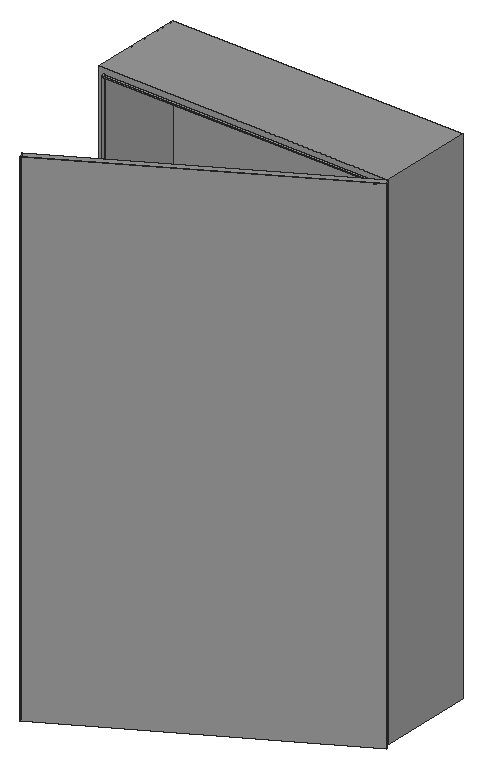
Revit family "Hager-Univers-IP55-D275-H1400-Cl.II-Steel_encl-NoHosted-BE-fr", category Electrical Equipment, Revit 2020
Family settings
  Panel Configuration = Two Columns, Circuits Across
  Round Connector Dimension = Use Diameter
  Part Type = Panelboard
  Work Plane-Based = Yes
  Always vertical = Yes
  Cut with Voids When Loaded = No
  Shared = No
  Room Calculation Point = No
Parameters (values of type "saillie IP55 L800 H1400 P275  - FR93S")
  Width Control [instance] = if([EF000008 - largeur] > Min Width, [EF000008 - largeur], Min Width)  # 800 mm
  Type Comments = [HG000003 - Gamme]  # "Univers"
  Thickness Door [instance] = if([EF009171 - épaisseur de matériau de la porte/du couvercle] > 3 mm, 3 mm, [EF009171 - épaisseur de matériau de la porte/du couvercle])  # 1.5 mm
  Seal Frame Offset [instance] = 17 mm  # constant formula
  Plinth Visibility [instance] = [HG000027 - Hauteur du socle] > 0 mm  # no
  Min Width [instance] = 100 mm  # constant formula
  Min Depth [instance] = (2 * [EF009170 - épaisseur de matériau du boîtier]) + 1 mm  # 4 mm
  Min Height [instance] = 100 mm  # constant formula
  Internal Frame Depth [instance] = (Door System Depth * 0.5)  # 9 mm
  Panel Name [instance] = ""  # (empty or 0)
  Model = ""
  HG000027 - Hauteur du socle = 0 mm
  HG000026 - Installation au sol = no
  HG000024 - Hauteur de la section basse = 600 mm
  HG000023 - Armoire double section = no
  HG000016 - Visibilité de la porte 3D [instance] = yes
  HG000015 - Visibilité de l'emprise de la porte [instance] = no
  HG000014 - Porte à droite [instance] = yes
  HG000013 - Porte à gauche [instance] = not([HG000014 - Porte à droite])  # no
  HG000012 - Angle de pivotement de la porte [instance] = 30.00°
  HG000010 - Portes asymétriques = no
  HG000009 - Porte à double battant = no
  HG000006 - Encastré = no
  HG000004 - Référence fabricant = "FR93S"
  HG000003 - Gamme = "Univers"
  HG000002 - avec porte = yes
  Frame Offset Bottom [instance] = 10 mm  # constant formula
  Frame Offset [instance] = 15 mm  # constant formula
  EF015940 - couvercle avec décharge de pression = no
  EF011959 - degré de protection (NEMA) = ""
  EF009554 - nombre d'ouvertures pour plaques à bride = 6
  EF009212 - finition du couvercle = "EV000116 - fermé"
  EF009171 - épaisseur de matériau de la porte/du couvercle = 1.5 mm
  EF009170 - épaisseur de matériau du boîtier = 1.5 mm
  EF008873 - courant nominal (In) = 800 A
  EF007800 - adapté à un parafoudre = no
  EF006306 - avec serrure = no
  EF006244 - couvercle/porte transparent(e) = no
  EF005474 - indice de protection (IP) = "EV006420 - IP55"
  EF004464 - type de porte = "EV002646 - unique"
  EF004427 - nombre de modules = 324
  EF004293 - indice de protection contre les chocs (IK) = "EV008784 - IK10"
  EF003532 - convient pour utilisation à l’extérieur = no
  EF002950 - largeur en nombre de modules = 24
  EF001613 - maintien de fonction = "EV000494 - sans"
  EF001596 - matériau du boîtier/corps = "EV000179 - acier"
  EF001131 - profondeur intérieure = 275 mm
  EF001088 - possibilité de montage en saillie = yes
  EF000437 - nombre d'entrées de conduit = 6
  EF000339 - type de capot = "EV004216 - porte"
  EF000266 - nombre de rangées = 9
  EF000218 - profondeur d'encastrement = 0 mm
  EF000118 - avec cadre/support de montage = no
  EF000116 - numéro RAL = "7035"
  EF000049 - profondeur = 275 mm
  EF000040 - hauteur = 1400 mm
  EF000008 - largeur = 800 mm
  EF000007 - couleur = "EV000270 - gris"
  EF000003 - mode de pose = "EV000384 - saillie"
  Door System Leaf Tolerance [instance] = 1.5 mm  # constant formula
  Door System Depth [instance] = 18 mm  # constant formula
  Door Height [instance] = Height Control - [HG000027 - Hauteur du socle]  # 1400 mm
  Description = ""
  Default Elevation = 1219.2 mm
  Connector Offset [instance] = Height Control / 2  # 700 mm
  Manufacturer = "Hager"  # constant formula
  Height Control [instance] = if([EF000040 - hauteur] > Min Height, [EF000040 - hauteur], Min Height)  # 1400 mm
  Depth Control [instance] = if([EF000049 - profondeur] > Min Depth, [EF000049 - profondeur], Min Depth)  # 275 mm
  Bottom Top Plate Trim [instance] = 1.5 mm  # constant formula
  Plinth height Ctrl [instance] = if([HG000027 - Hauteur du socle] > 0 mm, [HG000027 - Hauteur du socle], 12 mm)  # 12 mm
Types (5, lengths in mm): name | Width Control | HG000010 - Portes asymétriques | HG000009 - Porte à double battant | HG000004 - Référence fabricant | EF009554 - nombre d'ouvertures pour plaques à bride | EF004464 - type de porte | EF004427 - nombre de modules | EF000437 - nombre d'entrées de conduit | EF000008 - largeur
  saillie IP55 L1050 H1400 P275  - FR94S | 1050 | no | yes | "FR94S" | 8 | "EV003602 - double" | 432 | 8 | 1050
  saillie IP55 L1300 H1400 P275  - FR95S | 1300 | yes | yes | "FR95S" | 10 | "EV003602 - double" | 540 | 10 | 1300
  saillie IP55 L300 H1400 P275  - FR91S | 300 | no | no | "FR91S" | 2 | "EV002646 - unique" | 108 | 2 | 300
  saillie IP55 L550 H1400 P275  - FR92S | 550 | no | no | "FR92S" | 4 | "EV002646 - unique" | 216 | 4 | 550
  saillie IP55 L800 H1400 P275  - FR93S | 800 | no | no | "FR93S" | 6 | "EV002646 - unique" | 324 | 6 | 800
Reference planes
  plane 1 "Center (Front/Back)": y = 0
  plane 2: z = 0
  plane 3 "Center (Left/Right)": x = 0
  plane 4: y = 0
  plane 5: y = 0
  plane 6: z = 0
  plane 7: x = -400
  plane 8: x = 400
  plane 9: x = 398.5
  plane 10: x = -398.5
  plane 11: z = 0
  plane 12: z = 1.5
  plane 13: y = -275
  plane 14: y = -1.5
  plane 15: x = 0
  plane 16: y = -257
  plane 17: y = -273.5
  plane 18: y = -255.5
  plane 19: x = -383.5
  plane 20: x = 383.5
  plane 21: z = 11.5
  plane 22: x = -383
  plane 23: x = 383
  plane 24: z = 0
  plane 25: z = 1400
  plane 26: z = 1400
  plane 27: z = 1383.5
  plane 28: z = 1398.5
Forms (mm)
  Extrusion 1, solid, material "Hager_Steel_RAL7035_Light_Grey", detail levels medium+fine
    sketch origin (-208.679, -4572, 0) x (-1, 0, 0) y (0, -1, 0)
      loop
        line (191.321, -4315) -> (-608.679, -4315) -> (-608.679, -4572) -> (191.321, -4572) -> (191.321, -4315)
    from 0 to 1400
  Extrusion 2, void
    sketch origin (-350.771, -275, 1219.2) x (1, 0, 0) y (0, 0, 1)
      loop
        line (-47.729, 179.3) -> (-47.729, -1217.7) -> (749.271, -1217.7) -> (749.271, 179.3) -> (-47.729, 179.3)
    from -19.5 to -273.5
  Extrusion 3, void
    sketch origin (-290.084, -257, 1219.2) x (1, 0, 0) y (0, 0, 1)
      loop
        line (-93.416, -1207.7) -> (673.584, -1207.7) -> (673.584, 164.3) -> (-93.416, 164.3) -> (-93.416, -1207.7)
    from 0 to -1.5
  Extrusion 4, solid, material "Hager_Steel_RAL7035_Light_Grey", visible <- "Plinth Visibility", detail levels medium+fine
    sketch origin (0, 0, 0) x (1, 0, 0) y (0, 1, 0)
      loop
        line (-400, 0) -> (-400, -257) -> (400, -257) -> (400, 0) -> (-400, 0)
    from 0 to 12 <- "Plinth height Ctrl"
  Extrusion 5, solid, material "Hager_Steel_RAL7035_Light_Grey", detail levels coarse
    sketch origin (0, 0, 0) x (1, 0, 0) y (0, 1, 0)
      loop
        line (-400, 0) -> (-400, -275) -> (400, -275) -> (400, 0) -> (-400, 0)
    from 0 to 1400 <- "Height Control"
  Sweep 6, void
    path in 3D
      loop
        line (-400, -257, 12) -> (400, -257, 12) -> (400, 0, 12) -> (-400, 0, 12) -> (-400, -257, 12)
    profile origin (-400, -128.5, 12) x (1, 0, 0) y (0, 0, 1)
      loop
        line (0, 0) -> (0, -1.5) -> (1.5, -1.5)
        arc (1.5, -1.5) -> (1.061, -0.439) -> (0, 0) r 1.5
  Extrusion 7, solid, material "Hager_Steel_RAL7035_Light_Grey", detail levels fine
    sketch origin (-400, -257, 0) x (1, 0, 0) y (0, 0, 1)
      loop
        line (16.5, 11.5) -> (783.5, 11.5) -> (783.5, 1383.5) -> (16.5, 1383.5) -> (16.5, 11.5)
      loop
        line (15, 10) -> (785, 10) -> (785, 1385) -> (15, 1385) -> (15, 10)
    from 0 to 9 <- "Internal Frame Depth"
Cuts and joins
  Extrusion 2, Extrusion 3 cuts Extrusion 1
  Sweep 6 cuts Extrusion 4
Lines and regions (mm)
  Masking region 1
    outline origin (0, 0, 0) x (1, 0, 0) y (0, 1, 0)
      loop
        line (-400, 0) -> (-400, -275) -> (400, -275) -> (400, 0) -> (-400, 0)
  Masking region 2, detail levels coarse
    outline origin (-290.084, -257, 1219.2) x (-1, 0, 0) y (0, 0, 1)
      loop
        line (-690.084, -1219.2) -> (109.916, -1219.2) -> (109.916, 180.8) -> (-690.084, 180.8) -> (-690.084, -1219.2)
  Masking region 3, detail levels coarse
    outline origin (0, 0, 0) x (0, 1, 0) y (0, 0, 1)
      loop
        line (0, 0) -> (0, 1400) -> (-275, 1400) -> (-275, 0) -> (0, 0)
  Masking region 4, visible <- "Plinth Visibility", detail levels medium+fine
    outline origin (0, 0, 0) x (0, 1, 0) y (0, 0, 1)
      loop
        line (-1.5, 12) -> (-255.5, 12)
        arc (-255.5, 12) -> (-255.939, 10.939) -> (-257, 10.5) r 1.5
        line (-257, 10.5) -> (-257, 0) -> (0, 0) -> (0, 10.5)
        arc (0, 10.5) -> (-1.061, 10.939) -> (-1.5, 12) r 1.5
  Masking region 5, detail levels medium+fine
    outline origin (0, 0, 594.038) x (0, 1, 0) y (0, 0, 1)
      loop
        line (0, -594.038) -> (0, 805.962) -> (-257, 805.962) -> (-257, -594.038) -> (0, -594.038)
  Masking region 6, detail levels medium+fine
    outline origin (-359.7, -257, 1211.883) x (-1, 0, 0) y (0, 0, 1)
      loop
        line (-759.7, -1211.883) -> (40.3, -1211.883) -> (40.3, 188.117) -> (-759.7, 188.117) -> (-759.7, -1211.883)
  Masking region 7, visible <- "Plinth Visibility", detail levels medium+fine
    outline origin (-320.334, -257, 1041.368) x (-1, 0, 0) y (0, 0, 1)
      loop
        line (-720.334, -1041.368) -> (79.666, -1041.368) -> (79.666, -1030.868)
        arc (79.666, -1030.868) -> (78.606, -1030.429) -> (78.166, -1029.368) r 1.5
        line (78.166, -1029.368) -> (-718.834, -1029.368)
        arc (-718.834, -1029.368) -> (-719.273, -1030.429) -> (-720.334, -1030.868) r 1.5
        line (-720.334, -1030.868) -> (-720.334, -1041.368)
  sketch lines
    curve 1: line (-400, 0, 12) -> (-400, -257, 12)
    curve 2: line (-400, -257, 12) -> (400, -257, 12)
    curve 3: line (400, 0, 12) -> (-400, 0, 12)
    curve 4: line (400, -257, 12) -> (400, 0, 12)
Dimensions and locks
  locked: plane 1 "Center (Front/Back)" to plane 5
  "EF009170 - épaisseur de matériau du boîtier": plane 7 to plane 10
  "EF009170 - épaisseur de matériau du boîtier": plane 8 to plane 9
  equal spacing: plane 7, plane 3 "Center (Left/Right)", plane 8
  "Width Control": plane 7 to plane 8
  "Depth Control": plane 4 to plane 13
  "EF009170 - épaisseur de matériau du boîtier": plane 4 to plane 14
  "Height Control": plane 25 to level
  "HG000027 - Hauteur du socle": plane 11 to level
  "EF009170 - épaisseur de matériau du boîtier": plane 12 to plane 11
  "EF009170 - épaisseur de matériau du boîtier": plane 17 to plane 13
  "EF009170 - épaisseur de matériau du boîtier": plane 18 to plane 16
  "Frame Offset Bottom": plane 21 to plane 12
  "Frame Offset": plane 10 to plane 19
  "Frame Offset": plane 9 to plane 20
  "Door System Depth": plane 16 to plane 13
  "Seal Frame Offset": plane 7 to plane 22
  "Seal Frame Offset": plane 8 to plane 23
  "EF009170 - épaisseur de matériau du boîtier": plane 26 to plane 28
  "Frame Offset": plane 28 to plane 27
  "Connector Offset": plane 2 to connector elem
  "Bottom Top Plate Trim": profile plane to Sweep 6 sketch curve
  "Bottom Top Plate Trim": Sweep 6 sketch curve to Sweep 6 sketch curve
  "Plinth height Ctrl": Masking region 4 sketch curve to level
  "Plinth height Ctrl": Masking region 7 sketch curve to level
  "Thickness Door": Extrusion 7 sketch curve to Extrusion 7 sketch curve  (x4)
  "Bottom Top Plate Trim": radius of Sweep 6 sketch curve
  "Bottom Top Plate Trim": radius of Masking region 4 sketch curve  (x2)
  "Bottom Top Plate Trim": radius of Masking region 7 sketch curve  (x2)
  aligned and locked: Extrusion 2 sketch curve to plane 12
  aligned and locked: Extrusion 2 sketch curve to plane 9
  aligned and locked: Extrusion 2 sketch curve to plane 10
  aligned and locked: Extrusion 2 to plane 14
  aligned and locked: Extrusion 1 sketch curve to plane 4
  aligned and locked: plane 8 to Extrusion 1 sketch curve
  aligned and locked: plane 7 to Extrusion 1 sketch curve
  aligned and locked: Extrusion 2 to plane 18
  aligned and locked: Extrusion 3 sketch curve to plane 19
  aligned and locked: plane 20 to Extrusion 3 sketch curve
  aligned and locked: Extrusion 3 to Extrusion 2
  aligned and locked: Extrusion 3 sketch curve to plane 21
  aligned and locked: plane 3 "Center (Left/Right)" to nested 1
  aligned and locked: Extrusion 1 sketch curve to plane 16
  aligned and locked: Extrusion 4 sketch curve to cut or joined group of Extrusion 1, Extrusion 2, Extrusion 3
  aligned and locked: Masking region 1 sketch curve to plane 7
  aligned and locked: Masking region 1 sketch curve to plane 5
  aligned and locked: Masking region 1 sketch curve to plane 8
  aligned and locked: Masking region 2 sketch curve to level
  aligned and locked: level to Masking region 3 sketch curve
  aligned and locked: plane 1 "Center (Front/Back)" to Masking region 3 sketch curve
  aligned and locked: plane 13 to Masking region 3 sketch curve
  aligned and locked: plane 5 to Masking region 4 sketch curve
  aligned and locked: Masking region 2 sketch curve to plane 8
  aligned and locked: Masking region 2 sketch curve to plane 7
  aligned and locked: plane 7 to nested 2
  aligned and locked: nested 2 to plane 5
  aligned and locked: plane 5 to Masking region 5 sketch curve
  aligned and locked: plane 26 to Masking region 5 sketch curve
  aligned and locked: Extrusion 5 sketch curve to plane 8
  aligned and locked: Extrusion 5 sketch curve to plane 7
  aligned and locked: Extrusion 5 sketch curve to plane 5
  aligned and locked: Extrusion 3 sketch curve to plane 27
  aligned and locked: Extrusion 2 sketch curve to plane 28
  aligned and locked: Masking region 2 to plane 25
  aligned and locked: Extrusion 4 to plane 16
  aligned and locked: profile plane to Sweep 6 sketch curve
  aligned and locked: Masking region 5 sketch curve to plane 24
  aligned and locked: level to Masking region 4 sketch curve
  aligned and locked: Masking region 1 to plane 13
  aligned and locked: nested 1 to plane 16
  aligned and locked: Masking region 3 to plane 25
  aligned and locked: plane 16 to Masking region 4 sketch curve
  aligned and locked: Masking region 5 sketch curve to plane 16
  aligned and locked: plane 24 to plane 11
  aligned and locked: plane 26 to plane 25
  aligned and locked: plane 26 to cut or joined group of Extrusion 1, Extrusion 2, Extrusion 3
  aligned and locked: nested 1 to plane 24
  aligned and locked: Extrusion 1 to Extrusion 3
  aligned and locked: Masking region 6 sketch curve to plane 8
  aligned and locked: Masking region 6 sketch curve to plane 24
  aligned and locked: Masking region 6 sketch curve to plane 7
  aligned and locked: Masking region 6 sketch curve to plane 26
  aligned and locked: Masking region 7 sketch curve to plane 7
  aligned and locked: level to Masking region 7 sketch curve
  aligned and locked: Masking region 7 sketch curve to plane 8
  aligned and locked: Extrusion 7 sketch curve to cut or joined group of Extrusion 1, Extrusion 2, Extrusion 3  (x4)
Automatic sketch dimensions
  plane 19 to Extrusion 3 sketch curve = 0 mm
  Extrusion 3 sketch curve to plane 20 = 0 mm
  Extrusion 3 sketch curve to plane 21 = 0 mm
  Extrusion 4 sketch curve to plane 7 = 0 mm
  Extrusion 4 sketch curve to plane 8 = 0 mm
  Extrusion 4 sketch curve to plane 16 = 0 mm
  Masking region 1 sketch curve to plane 13 = 0 mm
  Masking region 2 sketch curve to plane 25 = 0 mm
  Masking region 3 sketch curve to plane 25 = 0 mm
  Extrusion 5 sketch curve to plane 13 = 0 mm
  profile plane to Sweep 6 sketch curve = 0 mm
Nested families
  nested 1: "EC000058_Univers_Door" at (0, -257, 0), Double <- "HG000009 - Porte à double battant", Transparent <- "EF006244 - couvercle/porte transparent(e)", Angle <- "HG000012 - Angle de pivotement de la porte", Door_Right <- "HG000014 - Porte à droite", Assymetrical <- "HG000010 - Portes asymétriques", Door <- "HG000002 - avec porte", Width_Ctrl <- "Width Control", 3d_Door <- "HG000016 - Visibilité de la porte 3D", Clearance <- "HG000015 - Visibilité de l'emprise de la porte", Door_Left <- "HG000013 - Porte à gauche", Width <- "Width Control", Door_Depth <- "Door System Depth", Leaf_Tolerance <- "Door System Leaf Tolerance", Height <- "Door Height", Lock_Visibility <- "EF006306 - avec serrure", Thickness <- "Thickness Door", type "EC000058_Univers_Door", detail levels medium+fine
    with min_wh 4 mm, Width_Ctrl 800 mm, Width 800 mm, Transparent no, Thickness 1.5 mm, Seal_Material Hager_Rubber, Lock_Visibility no, Lock_Material Hager_Plastic_RAL9005_Jet_Black, Leaf_Width 800 mm, Leaf_Tolerance_External_Sides 0 mm, Leaf_Tolerance 1.5 mm, Leaf_Offset 0 mm, Leaf_Height 1397 mm, Leaf_2_Width 800 mm, Leaf_2_Offset 400 mm, Leaf_1_Width 800 mm, Leaf_1_Offset 400 mm, Height_Ctrl 1400 mm, Height 1400 mm, Glass_Material Hager_Glass, Double_Clearance_Ctrl no, Double no, Door_Right_Ctrl yes, Door_Right yes, Door_Material Hager_Steel_RAL7035_Light_Grey, Door_Left_Ctrl no, Door_Left no, Door_Depth 18 mm, Door yes, Clearance_Material Hager_Clearance, Clearance_Depth 800 mm, Clearance_Ctrl no, Clearance no, Assymetrical no, Angle 30.00°, 3d_Door yes
  nested 2: "Hager_Enclosure_Symbol" at (-400, 0, 0), Height <- "Depth Control", Width <- "Width Control", type "Hager_Enclosure_Symbol"
    with Width_Ctrl 800 mm, Width 800 mm, Height_Ctrl 275 mm, Height 275 mm, A_Width_Int 18.047 mm, A_Width 216.562 mm, A_Height_Ctrl 240.625 mm, A_Height 240.625 mm
Connectors
  electrical at (0, 0, 700)
    settings: on plane 1 "Center (Front/Back)", index 1, voltage 0 V, apparent load 0 VA, apparent load phase1 0 VA, apparent load phase2 0 VA, apparent load phase3 0 VA, power factor 1, load classification "Other", number of poles 1, system type 30, power factor state 1, is connector primary yes, connector utility no, sub classification motor no, connector description ""
Definition of nested family "EC000058_Univers_Door"
  Parameters (values of type "EC000058_Univers_Door")
    min_wh [instance] = (2 * Thickness) + 1 mm  # 11 mm
    Width_Ctrl [instance] = 400 mm
    Width [instance] = 500 mm
    Transparent [instance] = yes
    Thickness [instance] = 5 mm
    Seal_Material [instance] = none
    Lock_Visibility [instance] = yes
    Lock_Material [instance] = none
    Leaf_Width [instance] = if((Width_Ctrl - 2 * Leaf_Tolerance_External_Sides) > 0 mm, (Width_Ctrl - 2 * Leaf_Tolerance_External_Sides), min_wh)  # 400 mm
    Leaf_Tolerance_External_Sides [instance] = 0 mm  # constant formula
    Leaf_Tolerance [instance] = 1.5 mm
    Leaf_Offset [instance] = 0 mm  # constant formula
    Leaf_Height [instance] = if((Height_Ctrl - 2 * Leaf_Tolerance) > 0 mm, (Height_Ctrl - 2 * Leaf_Tolerance), min_wh)  # 497 mm
    Leaf_2_Width [instance] = if(and(and(Double, Assymetrical), Door_Left), (Leaf_Width / 3) - (Leaf_Tolerance / 2), if(and(and(Double, Assymetrical), Door_Right), (Leaf_Width / 3) * 2 - (Leaf_Tolerance / 2), if(and(Double, not(Assymetrical)), (Leaf_Width / 2) - Leaf_Tolerance, Leaf_Width)))  # 400 mm
    Leaf_2_Offset [instance] = if(and(Double, Assymetrical), Leaf_2_Width / 2, if(and(Double, not(Assymetrical)), Leaf_Width / 4, Leaf_Width / 2))  # 200 mm
    Leaf_1_Width [instance] = if(and(and(Double, Assymetrical), Door_Right), (Leaf_Width / 3) - (Leaf_Tolerance / 2), if(and(and(Double, Assymetrical), Door_Left), (Width / 3) * 2 - (Leaf_Tolerance / 2), if(and(Double, not(Assymetrical)), (Leaf_Width / 2) - Leaf_Tolerance, Leaf_Width)))  # 400 mm
    Leaf_1_Offset [instance] = if(and(Double, Assymetrical), Leaf_1_Width / 2, if(and(Double, not(Assymetrical)), Leaf_Width / 4, Leaf_Width / 2))  # 200 mm
    Height_Ctrl [instance] = if(Height > min_wh, Height, min_wh)  # 500 mm
    Height [instance] = 500 mm
    Glass_Material [instance] = none
    Double_Clearance_Ctrl [instance] = and(Double, Clearance)  # no
    Double [instance] = no
    Door_Right_Ctrl [instance] = and(or(Door_Right, Double), Door)  # yes
    Door_Right [instance] = yes
    Door_Material [instance] = none
    Door_Left_Ctrl [instance] = and(or(Door_Left, Double), Door)  # no
    Door_Left [instance] = no
    Door_Depth [instance] = 30 mm
    Door [instance] = yes
    Default Elevation = 1219.2 mm
    Clearance_Material [instance] = none
    Clearance_Depth [instance] = if(Leaf_1_Width > Leaf_2_Width, Leaf_1_Width, Leaf_2_Width)  # 400 mm
    Clearance_Ctrl [instance] = and(not(Double), Clearance)  # yes
    Clearance [instance] = yes
    Assymetrical [instance] = yes
    Angle [instance] = 30.00°
    3d_Door [instance] = yes
  Reference planes
    plane 1 "Center (Front/Back)": y = 0
    plane 2 "Bottom": z = 0
    plane 3 "Center (Left/Right)": x = 0
    plane 4: z = 500
    plane 5: x = -200
    plane 6: x = 200
    plane 7: z = 500
    plane 8: x = -200
    plane 9: z = 0
    plane 10: x = 200
    plane 11: y = 0
    plane 12: z = 1.5
    plane 13: x = -600
    plane 14: y = -400
    plane 15: x = 600
    plane 16: x = 0
    plane 17: x = 0
    plane 18: x = -200
    plane 19: x = 200
    plane 20: z = 498.5
  Forms (mm)
    Extrusion 1, solid, material <- "Clearance_Material", visible <- "Double_Clearance_Ctrl"
      sketch origin (1200, 0, 0) x (1, 0, 0) y (0, 0, -1)
        loop
          line (-1800, -498.5) -> (-600, -498.5) -> (-600, 0) -> (-1800, 0) -> (-1800, -498.5)
      from 0 to -400
  Dimensions and locks
    equal spacing: plane 5, plane 3 "Center (Left/Right)", plane 6
    "Width_Ctrl": plane 5 to plane 6
    "Leaf_Offset": plane 5 to plane 8
    "Leaf_Offset": plane 6 to plane 10
    "Leaf_Offset": plane 9 to level
    "Leaf_Offset": plane 4 to plane 7
    "Height_Ctrl": plane 4 to level
    "Leaf_Tolerance": plane 12 to plane 9
    locked: plane 11 to plane 1 "Center (Front/Back)"
    "Leaf_1_Offset": plane 18 to plane 16
    "Leaf_2_Offset": plane 17 to plane 19
    "Leaf_1_Width": plane 13 to plane 8
    "Leaf_2_Width": plane 10 to plane 15
    "Clearance_Depth": plane 14 to plane 1 "Center (Front/Back)"
    "Leaf_Tolerance_External_Sides": plane 8 to plane 18
    "Leaf_Tolerance_External_Sides": plane 19 to plane 10
    "Leaf_Tolerance": plane 7 to plane 20
    aligned and locked: level to plane 2 "Bottom"
    aligned and locked: nested 1 to plane 16
    aligned and locked: nested 2 to plane 17
    aligned and locked: Extrusion 1 to plane 13
    aligned and locked: plane 15 to Extrusion 1
    aligned and locked: Extrusion 1 to plane 14
    aligned and locked: plane 12 to nested 1
    aligned and locked: nested 2 to plane 12
    aligned and locked: Extrusion 1 to plane 11
    aligned and locked: plane 20 to Extrusion 1
    aligned and locked: nested 2 to plane 11
    aligned and locked: nested 1 to plane 11
  Automatic sketch dimensions
    Extrusion 1 sketch curve to level = 0 mm
    plane 5 to Extrusion 1 sketch curve = 400 mm
    plane 6 to Extrusion 1 sketch curve = 400 mm
    Extrusion 1 sketch curve to plane 4 = 1.5 mm
  Nested families
    nested 1: "EC000058_Univers_Door_Leaf" at (0, 0, 1.5), Width <- "Leaf_1_Width", visible <- "Door_Left_Ctrl", Leaf_Height <- "Leaf_Height", Angle <- "Angle", 3d_Door <- "3d_Door", Transparent <- "Transparent", Clearance Material <- "Clearance_Material", Clearance <- "Clearance_Ctrl", Door_Material <- "Door_Material", Glass_Material <- "Glass_Material", Door_Depth <- "Door_Depth", Lock_Material <- "Lock_Material", Seal_Material <- "Seal_Material", Lock_Visibility <- "Lock_Visibility", Thickness <- "Thickness", type "EC000058_Univers_Door_Leaf"
      with Width 400 mm, Transparent_Glass_Offset 30 mm, Transparent_Ctrl yes, Transparent yes, Thickness 5 mm, Standard no, Seal_Material none, Seal_D2 8 mm, Seal_D1 1 mm, Offset_Internal_Frame 10 mm, Lock_Width 20 mm, Lock_Visibility_3d yes, Lock_Visibility yes, Lock_Thickness_3 3 mm, Lock_Thickness_2 1 mm, Lock_Thickness_1 3 mm, Lock_Radius_Offset_2 16 mm, Lock_Radius_Offset_1 15 mm, Lock_Radius_2 5 mm, Lock_Radius 6 mm, Lock_Offset 5 mm, Lock_Material none, Lock_Height 80 mm, Lock_Cover_Top_Offset_2d 17 mm, Lock_Cover_Height -65 mm, Leaf_Height 497 mm, Internal_Seal_Thickness 8 mm, Internal_Seal_Depth_2 4.5 mm, Internal_Frame_Depth 25 mm, Glass_Thickness -1 mm, Glass_Offset -2 mm, Glass_Material none, Door_Material none, Door_Depth 30 mm, Clearance Material none, Clearance yes, Angle_Ctrl 30.00°, Angle 30.00°, 3d_Door yes
    nested 2: "EC000058_Univers_Door_Leaf" at (0, 0, 1.5) x (-1, 0, 0) z (0, 0, 1), Width <- "Leaf_2_Width", visible <- "Door_Right_Ctrl", Leaf_Height <- "Leaf_Height", Angle <- "Angle", 3d_Door <- "3d_Door", Transparent <- "Transparent", Clearance Material <- "Clearance_Material", Clearance <- "Clearance_Ctrl", Door_Material <- "Door_Material", Glass_Material <- "Glass_Material", Door_Depth <- "Door_Depth", Lock_Material <- "Lock_Material", Seal_Material <- "Seal_Material", Lock_Visibility <- "Lock_Visibility", Thickness <- "Thickness", type "EC000058_Univers_Door_Leaf"
      with Width 400 mm, Transparent_Glass_Offset 30 mm, Transparent_Ctrl yes, Transparent yes, Thickness 5 mm, Standard no, Seal_Material none, Seal_D2 8 mm, Seal_D1 1 mm, Offset_Internal_Frame 10 mm, Lock_Width 20 mm, Lock_Visibility_3d yes, Lock_Visibility yes, Lock_Thickness_3 3 mm, Lock_Thickness_2 1 mm, Lock_Thickness_1 3 mm, Lock_Radius_Offset_2 16 mm, Lock_Radius_Offset_1 15 mm, Lock_Radius_2 5 mm, Lock_Radius 6 mm, Lock_Offset 5 mm, Lock_Material none, Lock_Height 80 mm, Lock_Cover_Top_Offset_2d 17 mm, Lock_Cover_Height -65 mm, Leaf_Height 497 mm, Internal_Seal_Thickness 8 mm, Internal_Seal_Depth_2 4.5 mm, Internal_Frame_Depth 25 mm, Glass_Thickness -1 mm, Glass_Offset -2 mm, Glass_Material none, Door_Material none, Door_Depth 30 mm, Clearance Material none, Clearance yes, Angle_Ctrl 30.00°, Angle 30.00°, 3d_Door yes
  Definition of nested family "EC000058_Univers_Door_Leaf"
    Parameters (values of type "EC000058_Univers_Door_Leaf")
      Width [instance] = 2000 mm
      Transparent_Glass_Offset [instance] = 30 mm
      Transparent_Ctrl [instance] = and(Transparent, [3d_Door])  # yes
      Transparent [instance] = yes
      Thickness [instance] = 5 mm
      Standard [instance] = and(not(Transparent), [3d_Door])  # no
      Seal_Material [instance] = none
      Seal_D2 [instance] = 8 mm  # constant formula
      Seal_D1 [instance] = 1 mm  # constant formula
      Offset_Internal_Frame [instance] = 10 mm  # constant formula
      Lock_Width [instance] = 20 mm  # constant formula
      Lock_Visibility_3d [instance] = and(Lock_Visibility, [3d_Door])  # yes
      Lock_Visibility [instance] = yes
      Lock_Thickness_3 [instance] = 3 mm  # constant formula
      Lock_Thickness_2 [instance] = 1 mm  # constant formula
      Lock_Thickness_1 [instance] = 3 mm  # constant formula
      Lock_Radius_Offset_2 [instance] = Lock_Radius_Offset_1 + 1 mm  # 16 mm
      Lock_Radius_Offset_1 [instance] = 15 mm  # constant formula
      Lock_Radius_2 [instance] = Lock_Radius - 1 mm  # 5 mm
      Lock_Radius [instance] = 6 mm  # constant formula
      Lock_Offset [instance] = 5 mm  # constant formula
      Lock_Material [instance] = none
      Lock_Height [instance] = 80 mm  # constant formula
      Lock_Cover_Top_Offset_2d [instance] = Lock_Radius_Offset_2 + 1 mm  # 17 mm
      Lock_Cover_Height [instance] = -(Lock_Height - Lock_Radius_Offset_1)  # -65 mm
      Leaf_Height [instance] = 2720.336 mm
      Internal_Seal_Thickness [instance] = 8 mm  # constant formula
      Internal_Seal_Depth_2 [instance] = 4.5 mm  # constant formula
      Internal_Frame_Depth [instance] = if(Door_Depth - Thickness > 5 mm, Door_Depth - Thickness, 5 mm)  # 25 mm
      Glass_Thickness [instance] = if(Thickness > 15 mm, Glass_Offset + 10 mm, -1 mm)  # -1 mm
      Glass_Offset [instance] = if(Thickness > 15 mm, -(Thickness + 10 mm) / 2, -2 mm)  # -2 mm
      Glass_Material [instance] = none
      Door_Material [instance] = none
      Door_Depth [instance] = 30 mm
      Default Elevation = 0 mm
      Clearance Material [instance] = none
      Clearance [instance] = yes
      Angle_Ctrl [instance] = if(Angle > 180.00°, 180.00°, Angle)  # 90.00°
      Angle [instance] = 90.00°
      3d_Door [instance] = yes
    Reference planes
      plane 1 "Center (Front/Back)": y = 0
      plane 2: z = 0
      plane 3 "Center (Left/Right)": x = 0
      plane 4: y = 2000
      plane 5: x = -1000
      plane 6: x = 1000
      plane 7: x = -3000
      plane 8: z = 2720.336
      plane 9: z = 30
      plane 10: z = 2690.336
      plane 11: x = 970
      plane 12: x = -970
      plane 13: y = -3
      plane 14: z = 107.833
      plane 15: y = -5
      plane 16: y = -223.314
      plane 17: x = -1000
      plane 18: z = 1360.168
      plane 19: y = 30
    Forms (mm)
      Extrusion 1, solid, material <- "Clearance Material", visible <- "Clearance"
        sketch origin (0, 0, 0) x (1, 0, 0) y (0, 0, 1)
          loop
            line (-3000, 2720.336) -> (-3000, 0) -> (1000, 0) -> (1000, 2720.336) -> (-3000, 2720.336)
        from 0 to -2000
      Extrusion 2, solid, material <- "Door_Material", visible <- "Standard", detail levels medium+fine
        sketch origin (-1000, 0, 0) x (0, 1, 0) y (-1, 0, 0)
          loop
            line (0, 30) -> (0, 25) -> (2000, 25) -> (2000, 30) -> (0, 30)
        from 0 to 2720.336 <- "Leaf_Height"
      Extrusion 3, solid, material <- "Door_Material", visible <- "Transparent_Ctrl", detail levels medium+fine
        sketch origin (-1000, 0, 0) x (0, 1, 0) y (-1, 0, 0)
          loop
            line (0, 25) -> (2000, 25) -> (2000, 30) -> (0, 30) -> (0, 25)
        from 0 to 2720.336 <- "Leaf_Height"
      Extrusion 4, void
        sketch origin (-1025, 2000, 0) x (0, 1, 0) y (0, 0, -1)
          loop
            line (-30, -2690.336) -> (-30, -30) -> (-1970, -30) -> (-1970, -2690.336) -> (-30, -2690.336)
        from 0 to 5 <- "Thickness"
      Sweep 5, solid, material <- "Seal_Material", visible <- "Transparent_Ctrl", detail levels fine
        path in 3D
          loop
            line (-1025, 30, 30) -> (-1025, 30, 2690.336) -> (-1025, 1970, 2690.336) -> (-1025, 1970, 30) -> (-1025, 30, 30)
        profile origin (-1025, 1000, 30) x (1, 0, 0) y (0, 0, 1)
          loop
            line (0, 0) -> (0, -8) -> (1, -8) -> (1, 0) -> (0, 0)
      Extrusion 6, solid, material <- "Glass_Material", visible <- "Transparent_Ctrl", detail levels medium+fine
        sketch origin (-1030, 0, 0) x (0, 1, 0) y (0, 0, -1)
          loop
            line (1970, -2690.336) -> (1970, -30) -> (30, -30) -> (30, -2690.336) -> (1970, -2690.336)
        from -2 <- "Glass_Offset" to -1 <- "Glass_Thickness"
      Extrusion 7, solid, material <- "Door_Material", visible <- "3d_Door", detail levels medium+fine
        sketch origin (-1025, 2000, 0) x (0, -1, 0) y (0, 0, -1)
          loop
            line (0, -2720.336) -> (2000, -2720.336) -> (2000, 0) -> (0, 0) -> (0, -2720.336)
          loop
            line (1995, -5) -> (5, -5) -> (5, -2715.336) -> (1995, -2715.336) -> (1995, -5)
        from 0 to 25 <- "Internal_Frame_Depth"
      Sweep 8, solid, material <- "Seal_Material", visible <- "Transparent_Ctrl", detail levels fine
        path in 3D
          loop
            line (-1025, 0, 0) -> (-1025, 2000, 0) -> (-1025, 2000, 2720.336) -> (-1025, 0, 2720.336) -> (-1025, 0, 0)
        profile origin (-1025, 0, 1360.168) x (1, 0, 0) y (0, 1, 0)
          loop
            line (0, 10) -> (2.975, 10)
            arc (2.975, 10) -> (4.053, 10.447) -> (4.5, 11.525) r 1.525
            line (4.5, 11.525) -> (4.5, 16.527)
            arc (4.5, 16.527) -> (4.069, 17.569) -> (3.027, 18) r 1.473
            line (3.027, 18) -> (0, 18) -> (0, 10)
      Extrusion 9, solid, material <- "Lock_Material", visible <- "Lock_Visibility_3d", detail levels fine
        sketch origin (-1030, 0, 0) x (0, 1, 0) y (0, 0, -1)
          loop
            arc (1993.5, -1400.168) -> (1994.561, -1399.729) -> (1995, -1398.668) r 1.5
            line (1995, -1398.668) -> (1995, -1320.168) -> (1975, -1320.168) -> (1975, -1398.668)
            arc (1975, -1398.668) -> (1975.439, -1399.729) -> (1976.5, -1400.168) r 1.5
            line (1976.5, -1400.168) -> (1993.5, -1400.168)
        from 3 <- "Lock_Thickness_1" to 0
      Blend 10, solid, material <- "Lock_Material", visible <- "Lock_Visibility_3d", detail levels fine
        base sketch origin (-1033, 0, 0) x (0, 1, 0) y (0, 0, -1)
          loop
            line (1975, -1320.168) -> (1975, -1398.668)
            arc (1975, -1398.668) -> (1975.439, -1399.729) -> (1976.5, -1400.168) r 1.5
            line (1976.5, -1400.168) -> (1993.5, -1400.168)
            arc (1993.5, -1400.168) -> (1994.561, -1399.729) -> (1995, -1398.668) r 1.5
            line (1995, -1398.668) -> (1995, -1320.168) -> (1975, -1320.168)
        top sketch origin (-1033, 0, 0) x (0, 1, 0) y (0, 0, -1)
          loop
            line (1976, -1320.168) -> (1976, -1398.668)
            arc (1976, -1398.668) -> (1976.146, -1399.022) -> (1976.5, -1399.168) r 0.5
            line (1976.5, -1399.168) -> (1993.5, -1399.168)
            arc (1993.5, -1399.168) -> (1993.854, -1399.022) -> (1994, -1398.668) r 0.5
            line (1994, -1398.668) -> (1994, -1320.168) -> (1976, -1320.168)
        from 0 to 1 <- "Lock_Thickness_2"
      Blend 11, solid, material <- "Lock_Material", visible <- "Lock_Visibility_3d", detail levels fine
        base sketch origin (-1034, 0, 0) x (0, 1, 0) y (0, 0, -1)
          loop
            line (1978, -1320.168) -> (1978, -1384.168)
            arc (1978, -1384.168) -> (1985, -1391.168) -> (1992, -1384.168) r 7
            line (1992, -1384.168) -> (1992, -1320.168) -> (1978, -1320.168)
        top sketch origin (-1034, 0, 0) x (0, 1, 0) y (0, 0, -1)
          loop
            line (1991, -1320.168) -> (1979, -1320.168) -> (1979, -1383.168)
            arc (1979, -1383.168) -> (1985, -1389.168) -> (1991, -1383.168) r 6
            line (1991, -1383.168) -> (1991, -1320.168)
        from 0 to 3 <- "Lock_Thickness_3"
      Extrusion 12, solid, material <- "Lock_Material", visible <- "Lock_Visibility_3d", detail levels fine
        sketch origin (-1030, 1975, 1320.168) x (1, 0, 0) y (0, -1, 0)
          loop
            line (-7, -19) -> (-7, -1) -> (0, -1) -> (0, 0) -> (-8, 0) -> (-8, -20) -> (0, -20) -> (0, -19) -> (-7, -19)
        from 0 to -65 <- "Lock_Cover_Height"
      Extrusion 13, void
        sketch origin (-1038, 1995, 1320.168) x (-1, 0, 0) y (0, 0, -1)
          loop
            line (-5, -65) -> (0, -65) -> (-5, -60) -> (-5, -65)
        from 0 to 20 <- "Lock_Width"
      Extrusion 14, void
        sketch origin (-1038, 1975, 1320.168) x (0, -1, 0) y (0, 0, -1)
          loop
            circle (-10, -15.995) r 6
          loop
            circle (-10, -15.995) r 5
        from 0 to 2
      Extrusion 15, solid, material <- "Lock_Material", visible <- "Lock_Visibility_3d", detail levels medium
        sketch origin (-1030, 0, 0) x (0, 1, 0) y (0, 0, -1)
          loop
            arc (1993.5, -1400.168) -> (1994.561, -1399.729) -> (1995, -1398.668) r 1.5
            line (1995, -1398.668) -> (1995, -1320.168) -> (1975, -1320.168) -> (1975, -1398.668)
            arc (1975, -1398.668) -> (1975.439, -1399.729) -> (1976.5, -1400.168) r 1.5
            line (1976.5, -1400.168) -> (1993.5, -1400.168)
        from 8 to 0
    Cuts and joins
      Extrusion 4 cuts Extrusion 3
      Extrusion 13, Extrusion 14 cuts Extrusion 9
      Extrusion 14 cuts Blend 11
      Extrusion 13, Extrusion 14 cuts Extrusion 12
      joined: Extrusion 9, Blend 10, Blend 11, Extrusion 12
      Extrusion 14 cuts Extrusion 15
    Lines and regions (mm)
      Masking region 1, visible <- "Lock_Visibility", detail levels fine
        outline origin (0, 0, 0) x (0, 1, 0) y (0, 0, 1)
          loop
            line (30, 1320.168) -> (33, 1320.168) -> (33, 1400.168) -> (30, 1400.168) -> (30, 1320.168)
      Masking region 2, visible <- "Lock_Visibility", detail levels fine
        outline origin (0, 3.143, 0) x (0, 1, 0) y (0, 0, 1)
          loop
            line (29.857, 1354.168) -> (30.857, 1354.168) -> (30.857, 1366.168) -> (29.857, 1366.168) -> (29.857, 1354.168)
      Masking region 3, detail levels medium+fine
        outline origin (0, 0, 0) x (0, 1, 0) y (0, 0, 1)
          loop
            line (0, 0) -> (30, 0) -> (30, 2720.336) -> (0, 2720.336) -> (0, 0)
      Masking region 4, detail levels medium+fine
        outline origin (0, 0, 0) x (1, 0, 0) y (0, 0, 1)
          loop
            line (-1000, 2720.336) -> (-1000, 0) -> (1000, 0) -> (1000, 2720.336) -> (-1000, 2720.336)
      Masking region 5, visible <- "Lock_Visibility", detail levels fine
        outline origin (-47.116, 0, 0) x (1, 0, 0) y (0, 0, 1)
          loop
            arc (1024.616, 1399.168) -> (1023.556, 1398.729) -> (1023.116, 1397.668) r 1.5
            line (1023.116, 1397.668) -> (1023.116, 1320.168) -> (1041.116, 1320.168) -> (1041.116, 1397.668)
            arc (1041.116, 1397.668) -> (1040.677, 1398.729) -> (1039.616, 1399.168) r 1.5
            line (1039.616, 1399.168) -> (1024.616, 1399.168)
      Masking region 6, visible <- "Lock_Visibility", detail levels medium+fine
        outline origin (-25, 0, 0) x (1, 0, 0) y (0, 0, 1)
          loop
            arc (1001.5, 1400.168) -> (1000.439, 1399.729) -> (1000, 1398.668) r 1.5
            line (1000, 1398.668) -> (1000, 1320.168) -> (1020, 1320.168) -> (1020, 1398.668)
            arc (1020, 1398.668) -> (1019.561, 1399.729) -> (1018.5, 1400.168) r 1.5
            line (1018.5, 1400.168) -> (1001.5, 1400.168)
      Masking region 7, visible <- "Lock_Visibility", detail levels fine
        outline origin (-73.735, 0, 0) x (1, 0, 0) y (0, 0, 1)
          loop
            line (1051.735, 1382.168) -> (1065.735, 1382.168) -> (1065.735, 1384.168)
            arc (1065.735, 1384.168) -> (1058.735, 1391.168) -> (1051.735, 1384.168) r 7
            line (1051.735, 1384.168) -> (1051.735, 1382.168)
      Masking region 8, visible <- "Lock_Visibility", detail levels fine
        outline origin (-73.735, 0, 0) x (1, 0, 0) y (0, 0, 1)
          loop
            line (1052.735, 1382.168) -> (1064.735, 1382.168) -> (1064.735, 1383.168)
            arc (1064.735, 1383.168) -> (1058.735, 1389.168) -> (1052.735, 1383.168) r 6
            line (1052.735, 1383.168) -> (1052.735, 1382.168)
      Masking region 9, visible <- "Lock_Visibility", detail levels fine
        outline origin (-25, 0, 0) x (1, 0, 0) y (0, 0, 1)
          loop
            line (1020, 1320.168) -> (1020, 1382.168) -> (1000, 1382.168) -> (1000, 1320.168) -> (1020, 1320.168)
      Masking region 10, detail levels medium+fine
        outline origin (0, 0, 0) x (1, 0, 0) y (0, 0, 1)
          loop
            circle (985, 1335.144) r 6
      Masking region 11, detail levels fine
        outline origin (0, 0, 0) x (1, 0, 0) y (0, 0, 1)
          loop
            circle (985, 1335.144) r 5
      Masking region 12, visible <- "Lock_Visibility", detail levels fine
        outline origin (0, 12.767, 0) x (0, 1, 0) y (0, 0, 1)
          loop
            line (20.233, 1320.168) -> (21.233, 1320.168) -> (21.233, 1399.168) -> (20.233, 1400.168) -> (20.233, 1320.168)
      Masking region 13, visible <- "Lock_Visibility", detail levels fine
        outline origin (0, 13.767, -10) x (0, 1, 0) y (0, 0, 1)
          loop
            line (20.233, 1330.168) -> (23.233, 1330.168) -> (23.233, 1399.168) -> (20.233, 1402.168) -> (20.233, 1330.168)
      Masking region 14, visible <- "Lock_Visibility", detail levels fine
        outline origin (0, 12.767, -10) x (0, 1, 0) y (0, 0, 1)
          loop
            line (20.233, 1330.168) -> (25.233, 1330.168) -> (25.233, 1399.305) -> (20.233, 1394.305) -> (20.233, 1330.168)
      Masking region 15, visible <- "Lock_Visibility", detail levels medium
        outline origin (0, 0, 0) x (0, 1, 0) y (0, 0, 1)
          loop
            line (30, 1320.168) -> (38, 1320.168) -> (38, 1400.168) -> (30, 1400.168) -> (30, 1320.168)
      Masking region 16, visible <- "Lock_Visibility", detail levels fine
        outline origin (-1000, 0, 0) x (0, 1, 0) y (-1, 0, 0)
          loop
            line (1975, 30) -> (1995, 30) -> (1995, 38) -> (1975, 38) -> (1975, 30)
          loop
            line (1979, 37) -> (1976, 37) -> (1976, 34) -> (1978, 34) -> (1979, 37)
          loop
            line (1994, 37) -> (1991, 37) -> (1992, 34) -> (1994, 34) -> (1994, 37)
      Masking region 17, visible <- "Lock_Visibility", detail levels medium
        outline origin (-1000, 0, 0) x (0, 1, 0) y (-1, 0, 0)
          loop
            line (1975, 30) -> (1995, 30) -> (1995, 38) -> (1975, 38) -> (1975, 30)
      symbolic lines
        curve 1: line (1000, 0, 0) -> (-3000, 0, 0)
        curve 2: arc (1000, 0, 0) -> (-1000, 2000, 0) -> (-3000, 0, 0) r 2000
        curve 4: line (-1030, 0, 0) -> (-1030, 2000, 0)
      reference lines
        curve 3: line (-1000, 0, 0) -> (-1000, 2000, 0)
      symbolic lines, detail levels medium+fine
        curve 5: line (-1030, 2000, 0) -> (-1025, 2000, 0)
        curve 7: line (-1025, 0, 0) -> (-1030, 0, 0)
        curve 8: line (-1025, 0, 0) -> (-1000, 0, 0)
        curve 9: line (-1000, 0, 0) -> (-1000, 2000, 0)
        curve 10: line (-1000, 2000, 0) -> (-1025, 2000, 0)
      symbolic lines, detail levels fine
        curve 6: line (-1025, 2000, 0) -> (-1025, 0, 0)
      sketch lines
        curve 11: line (-1025, 0, 2720.336) -> (-1025, 0, 0)
        curve 12: line (-1025, 2000, 0) -> (-1025, 0, 0)
        curve 13: line (-1025, 2000, 2720.336) -> (-1025, 2000, 0)
        curve 14: line (-1025, 0, 2720.336) -> (-1025, 2000, 2720.336)
        curve 15: line (-1025, 1970, 30) -> (-1025, 30, 30)
        curve 16: line (-1025, 30, 30) -> (-1025, 30, 2690.336)
        curve 17: line (-1025, 1970, 2690.336) -> (-1025, 1970, 30)
        curve 18: line (-1025, 30, 2690.336) -> (-1025, 1970, 2690.336)
      symbolic lines, visible <- "Transparent", detail levels medium+fine
        curve 19: line (-970, 0, 2690.336) -> (970, 0, 2690.336)
        curve 20: line (-970, 0, 30) -> (-970, 0, 2690.336)
        curve 21: line (970, 0, 30) -> (-970, 0, 30)
        curve 22: line (970, 0, 2690.336) -> (970, 0, 30)
    Dimensions and locks
      "Width": plane 1 "Center (Front/Back)" to plane 4
      equal spacing: plane 5, plane 3 "Center (Left/Right)", plane 6
      "Width": plane 5 to plane 6
      "Width": plane 7 to plane 5
      "Leaf_Height": plane 8 to level
      "Width": curve 5 to curve 3
      "Width": curve 3 to curve 3
      plane 8 to plane 10 = 30 mm
      plane 9 to level = 30 mm
      plane 12 to plane 5 = 30 mm
      plane 6 to plane 11 = 30 mm
      Extrusion 1 to Extrusion 4 sketch curve = 30 mm
      "Transparent_Glass_Offset": curve 3 to Extrusion 4 sketch curve
      "Transparent_Glass_Offset": Extrusion 4 sketch curve to cut or joined group of Extrusion 3, Extrusion 4  (x2)
      cut or joined group of Extrusion 3, Extrusion 4 to Extrusion 6 sketch curve = 30 mm
      "Transparent_Glass_Offset": cut or joined group of Extrusion 3, Extrusion 4 to Extrusion 4 sketch curve
      "Thickness": curve 6 to curve 4
      "Thickness": Extrusion 7 sketch curve to Extrusion 7 sketch curve  (x4)
      "Door_Depth": curve 4 to curve 3
      "Offset_Internal_Frame": profile plane to Sweep 8 sketch curve
      "Internal_Seal_Thickness": Sweep 8 sketch curve to Sweep 8 sketch curve
      "Internal_Seal_Depth_2": profile plane to Sweep 8 sketch curve
      "Seal_D1": profile plane to Sweep 5 sketch curve
      "Seal_D2": profile plane to Sweep 5 sketch curve
      "Thickness": Extrusion 2 sketch curve to Extrusion 2 sketch curve
      equal spacing: Extrusion 9 sketch curve, plane 18, Extrusion 9 sketch curve  (x2)
      equal spacing: Masking region 1 sketch curve, plane 18, Masking region 1 sketch curve
      "Lock_Height": Masking region 1 sketch curve to Masking region 1 sketch curve
      "Lock_Radius": Masking region 2 sketch curve to plane 18 to Masking region 2 sketch curve
      Masking region 2 sketch curve to Masking region 1 = 1 mm
      "Door_Depth": plane 19 to plane 1 "Center (Front/Back)"
      "Lock_Thickness_1": Masking region 1 sketch curve to plane 19
      "Lock_Width": Extrusion 9 sketch curve to Extrusion 9 sketch curve
      "Lock_Height": Extrusion 9 sketch curve to Extrusion 9 sketch curve
      "Lock_Offset": cut or joined group of Extrusion 3, Extrusion 4 to Extrusion 9 sketch curve
      equal spacing: plane 8, plane 18, level
      "Lock_Radius_Offset_1": Blend 11 sketch curve to Blend 10
      locked: Blend 10 to Blend 11 sketch curve at 2  (x2)
      locked: var sketch to Blend 11 sketch curve at 1  (x2)
      "Lock_Radius_Offset_2": Blend 11 sketch curve to Blend 10
      locked: Extrusion 12 sketch curve to Extrusion 12 sketch curve at 1  (x3)
      Masking region 6 sketch curve to Masking region 6 sketch curve = 80 mm
      "Lock_Height": Masking region 6 sketch curve to Masking region 6 sketch curve
      "Lock_Width": Masking region 6 sketch curve to Masking region 6 sketch curve
      locked: Masking region 6 to Masking region 5 sketch curve at 1  (x3)
      locked: Masking region 5 to Masking region 7 sketch curve at 2  (x2)
      "Lock_Radius_Offset_1": Masking region 5 to Masking region 7 sketch curve
      "Lock_Radius_Offset_2": Masking region 5 to Masking region 8 sketch curve
      locked: Masking region 7 to Masking region 8 sketch curve at 1  (x2)
      "Lock_Cover_Top_Offset_2d": Masking region 5 to Masking region 9 sketch curve
      equal spacing: Masking region 9, Masking region 10 sketch curve, Masking region 9
      equal spacing: Masking region 9, Masking region 11 sketch curve, Masking region 9
      Extrusion 15 sketch curve to Extrusion 15 sketch curve = 80 mm
      "Lock_Width": Extrusion 15 sketch curve to Extrusion 15 sketch curve
      "Lock_Height": Extrusion 15 sketch curve to Extrusion 15 sketch curve
      equal spacing: Extrusion 15 sketch curve, plane 18, Extrusion 15 sketch curve
      "Lock_Thickness_3": Masking region 13 sketch curve to Masking region 13 sketch curve
      "Lock_Height": Masking region 12 sketch curve to Masking region 12 sketch curve
      locked: Masking region 13 sketch curve to Masking region 1 at 8
      locked: Masking region 14 sketch curve to Masking region 13 at 1
      locked: Masking region 14 sketch curve to Masking region 1 at 10.863
      "Lock_Height": Masking region 15 sketch curve to Masking region 15 sketch curve
      "Lock_Offset": Extrusion 15 sketch curve to cut or joined group of Extrusion 3, Extrusion 4
      "Lock_Offset": plane 6 to Masking region 6 sketch curve
      radius of Sweep 8 sketch curve = 1.525 mm
      radius of Sweep 8 sketch curve = 1.473 mm
      radius of Extrusion 9 sketch curve = 1.5 mm  (x2)
      "Lock_Radius": radius of Extrusion 14 sketch curve
      "Lock_Radius_2": radius of Extrusion 14 sketch curve
      "Lock_Radius": radius of Masking region 10 sketch curve
      "Lock_Radius_2": radius of Masking region 11 sketch curve
      radius of Extrusion 15 sketch curve = 1.5 mm  (x2)
      "Angle_Ctrl": angle plane 1 "Center (Front/Back)" to curve 3
      locked: Masking region 12 sketch curve to Masking region 12 sketch curve (angle 45.00°)
      locked: Masking region 13 sketch curve to Masking region 13 sketch curve (angle 45.00°)
      locked: Masking region 14 sketch curve to Masking region 14 sketch curve (angle 45.00°)
      aligned and locked: level to plane 2
      aligned and locked: Extrusion 1 to curve 1
      aligned and locked: plane 6 to Extrusion 1
      aligned and locked: Extrusion 1 to plane 1 "Center (Front/Back)"
      aligned and locked: plane 4 to Extrusion 1
      aligned and locked: plane 8 to Extrusion 1
      aligned and locked: curve 7 to Extrusion 2 sketch curve
      aligned and locked: curve 5 to Extrusion 2 sketch curve
      aligned and locked: curve 7 to Extrusion 3 sketch curve
      aligned and locked: Extrusion 3 sketch curve to curve 4
      aligned and locked: Extrusion 3 sketch curve to curve 6
      aligned and locked: Extrusion 3 sketch curve to curve 5
      aligned and locked: curve 9 to curve 3
      aligned and locked: Extrusion 7 sketch curve to cut or joined group of Extrusion 3, Extrusion 4  (x4)
      aligned and locked: plane 17 to curve 3
      aligned and locked: plane 1 "Center (Front/Back)" to curve 3
      aligned and locked: plane 17 to plane 5
      aligned and locked: Sweep 8 sketch curve to profile plane
      aligned and locked: Sweep 5 sketch curve to profile plane  (x2)
      aligned and locked: Masking region 1 to Masking region 2 sketch curve
      aligned and locked: plane 19 to Masking region 1 sketch curve
      aligned and locked: plane 1 "Center (Front/Back)" to Masking region 3 sketch curve
      aligned and locked: plane 19 to Masking region 3 sketch curve
      aligned and locked: level to Masking region 3 sketch curve
      aligned and locked: Masking region 3 sketch curve to plane 8
      aligned and locked: plane 17 to Masking region 4 sketch curve
      aligned and locked: level to Masking region 4 sketch curve
      aligned and locked: Masking region 4 sketch curve to plane 8
      aligned and locked: plane 12 to curve 20
      aligned and locked: plane 10 to curve 19
      aligned and locked: plane 11 to curve 22
      aligned and locked: curve 21 to plane 9
      aligned and locked: Extrusion 2 sketch curve to cut or joined group of Extrusion 3, Extrusion 4
      aligned and locked: Blend 10 sketch curve to Extrusion 9  (x4)
      aligned and locked: Extrusion 9 to Blend 10 sketch curve
      aligned and locked: Blend 10 to Blend 11 sketch curve
      aligned and locked: Extrusion 12 sketch curve to Blend 11
      aligned and locked: Extrusion 12 sketch curve to Extrusion 9  (x4)
      aligned and locked: Masking region 5 sketch curve to Masking region 6
      aligned and locked: Masking region 9 sketch curve to Masking region 6  (x3)
      aligned and locked: Masking region 12 sketch curve to Masking region 1
      aligned and locked: Masking region 13 sketch curve to Masking region 1
      aligned and locked: Masking region 12 to Masking region 14
      aligned and locked: Masking region 14 sketch curve to Masking region 1
      aligned and locked: Masking region 15 sketch curve to Masking region 14
      aligned and locked: Masking region 13 sketch curve to Masking region 12
      aligned and locked: Masking region 16 sketch curve to cut or joined group of Extrusion 14, Extrusion 15  (x4)
      aligned and locked: Masking region 16 sketch curve to cut or joined group of Extrusion 9, Blend 10, Blend 11, Extrusion 12, Extrusion 13, Extrusion 14  (x6)
      aligned and locked: cut or joined group of Extrusion 9, Blend 10, Blend 11, Extrusion 12, Extrusion 13, Extrusion 14 to Masking region 16 sketch curve
      aligned and locked: Masking region 17 sketch curve to cut or joined group of Extrusion 14, Extrusion 15  (x3)
      aligned and locked: Masking region 17 sketch curve to cut or joined group of Extrusion 9, Blend 10, Blend 11, Extrusion 12, Extrusion 13, Extrusion 14
      aligned and locked: Masking region 9 to Masking region 8 sketch curve
      aligned and locked: Masking region 9 to Masking region 7 sketch curve
    Automatic sketch dimensions
      plane 1 "Center (Front/Back)" to curve 2 = 0 mm
      curve 2 to plane 5 = 0 mm
      Extrusion 1 sketch curve to level = 0 mm
      Extrusion 1 sketch curve to plane 7 = 0 mm
      Extrusion 1 sketch curve to plane 6 = 0 mm
      Extrusion 1 sketch curve to plane 8 = 0 mm
      Extrusion 3 to Extrusion 6 sketch curve = 30 mm  (x4)
      Masking region 4 sketch curve to plane 6 = 0 mm
      Blend 10 sketch curve to Extrusion 9 = 1.5 mm
      Blend 10 sketch curve to Extrusion 9 = 1 mm
      Extrusion 13 sketch curve to Extrusion 12 = 0 mm  (x2)
      Extrusion 12 to Extrusion 13 sketch curve = 3 mm
      Extrusion 13 sketch curve to Extrusion 12 = 5 mm
      Extrusion 14 sketch curve to Extrusion 14 sketch curve = 0 mm  (x2)
      Extrusion 14 sketch curve to Extrusion 12 = 10 mm
      Extrusion 14 sketch curve to Extrusion 12 = 15.995 mm
      Masking region 5 sketch curve to Masking region 5 sketch curve = 1.5 mm  (x2)
      Masking region 10 sketch curve to plane 18 = 25.024 mm
      Masking region 11 sketch curve to plane 18 = 25.024 mm
      plane 19 to Masking region 14 sketch curve = 3 mm
      Masking region 16 sketch curve to Masking region 16 sketch curve = 3 mm
      curve 4 to curve 3 = 0 mm
      Blend 10 to Blend 11 sketch curve = 0 mm
      Masking region 6 sketch curve to Masking region 6 sketch curve = 1.5 mm  (x2)
      Masking region 6 sketch curve to plane 18 = 40 mm
      plane 19 to Masking region 12 sketch curve = 3 mm
      Masking region 12 sketch curve to Masking region 12 sketch curve = 1 mm
      Masking region 15 sketch curve to plane 19 = 0 mm
      Masking region 15 sketch curve to plane 18 = 40 mm
      radius of Blend 10 sketch curve to Extrusion 9 = 1 mm
Definition of nested family "Hager_Enclosure_Symbol"
  Parameters (values of type "Hager_Enclosure_Symbol")
    Width_Ctrl [instance] = if(Width > 1 mm, Width, 1 mm)  # 102.27 mm
    Width [instance] = 102.27 mm
    Height_Ctrl [instance] = if(Height > 1 mm, Height, 1 mm)  # 66.5 mm
    A_Width_Int [instance] = if(A_Width / 12 > 2 mm, A_Width / 12, 2 mm)  # 4.364 mm
    A_Width [instance] = if(A_Height_Ctrl * 0.9 > 2 mm, A_Height_Ctrl * 0.9, 2 mm)  # 52.369 mm
    A_Height_Ctrl [instance] = if(A_Height > 2 mm, A_Height, 2 mm)  # 58.188 mm
    Height [instance] = 66.5 mm
    A_Height [instance] = Height - (Height / 8)  # 58.188 mm
  Reference planes
    plane 1 "Centre (avant/arrière)": y = 0
    plane 2: z = 0
    plane 3 "Centre (gauche/droite)": x = 0
    plane 4: x = 52.369
    plane 5: y = 33.042
    plane 6: y = 41.77
    plane 7: y = 66.5
    plane 8: x = 26.184
    plane 9: y = 37.406
    plane 10: x = 102.27
    plane 11: y = 66.5
    plane 12: y = 8.313
  Lines and regions (mm)
    Filled region 1, type "Solid_Black", in view "Niveau de réf."
      outline origin (0, 0, 0) x (1, 0, 0) y (0, 1, 0)
        loop
          line (52.369, 66.5) -> (33.188, 54.536) -> (45.365, 45.006) -> (52.369, 66.5)
    Filled region 2, type "Solid_Black", in view "Niveau de réf."
      outline origin (0, 0, 0) x (1, 0, 0) y (0, 1, 0)
        loop
          line (0, 0) -> (102.27, 0) -> (102.27, 66.5) -> (0, 0)
    detail lines, in view "Niveau de réf."
      curve 1: line (0, 8.313, 0) -> (26.184, 41.77, 0)
      curve 2: line (26.184, 41.77, 0) -> (26.184, 33.042, 0)
      curve 3: line (26.184, 33.042, 0) -> (52.369, 66.5, 0)
  Dimensions and locks
    "A_Width": plane 3 "Centre (gauche/droite)" to plane 4
    equal spacing: plane 3 "Centre (gauche/droite)", plane 8, plane 4
    equal spacing: plane 6, plane 9, plane 5
    equal spacing: curve 3, Filled region 1 sketch curve, Filled region 1 sketch curve
    "Height_Ctrl": plane 1 "Centre (avant/arrière)" to plane 11
    "A_Height_Ctrl": plane 11 to plane 12
    equal spacing: plane 11, plane 9, plane 12
    "A_Width_Int": plane 6 to plane 9
    "Width_Ctrl": plane 3 "Centre (gauche/droite)" to plane 10
    angle Filled region 1 sketch curve to curve 3 = 20.00°
    angle curve 3 to Filled region 1 sketch curve = 20.00°
    locked: curve 3 to Filled region 1 sketch curve (angle 90.00°)
    aligned and locked: plane 10 to Filled region 2
    aligned and locked: plane 11 to Filled region 2 sketch curve
    aligned and locked: plane 10 to Filled region 2 sketch curve
    aligned and locked: plane 3 "Centre (gauche/droite)" to curve 1
    aligned and locked: plane 12 to curve 1
    aligned and locked: plane 7 to plane 11
  Automatic sketch dimensions
    Filled region 1 sketch curve to plane 4 = 0 mm
    Filled region 1 sketch curve to plane 7 = 0 mm
    plane 1 "Centre (avant/arrière)" to Filled region 2 sketch curve = 0 mm
    Filled region 2 sketch curve to plane 3 "Centre (gauche/droite)" = 0 mm
    curve 2 to plane 6 = 0 mm
    curve 2 to plane 8 = 0 mm
    curve 3 to plane 4 = 0 mm
    curve 2 to plane 5 = 0 mm
    curve 3 to plane 7 = 0 mm
